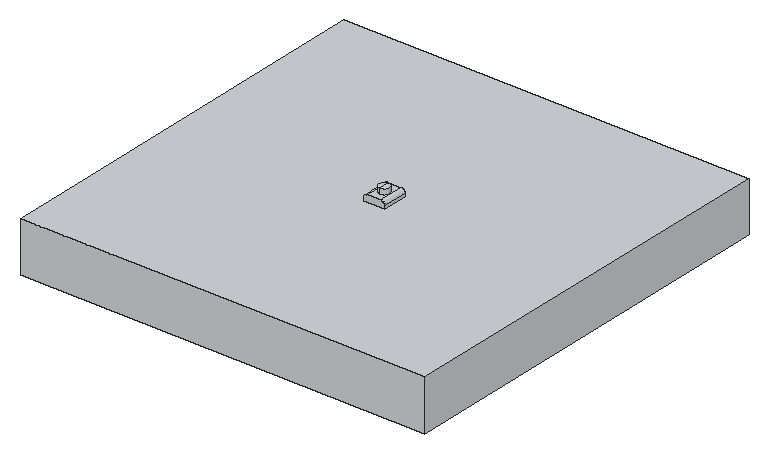
Revit family "M_Alto-falante estroboscópico do alarme de incêndio - Montado na parede", category Dispositivos de alarme de incêndio, Revit 2019
Family settings
  Hospedeiro = Face
  Manter orientação da anotação = Sim
  Cota do conector redondo = Utilizar diâmetro
  Tipo de parte = Normal
  Número OmniClass = 23.85.30.21.11.17
  Título OmniClass = Other Components
  ID de item do Seek = Fire Alarm Strobe Speaker - Wall Mounted-0000-CAN-ENU
  Corte com vazios quando carregada = Não
  Compartilhado = Não
  Ponto de cálculo do ambiente = Não
Parameters (values of type "Padrão")
  Material do alto-falante = none
  Elevação-padrão = 1200 mm
Reference planes
  plane 1 "Centro (Frente/Trás)": y = 0
  plane 2: z = 0
  plane 3 "Centro (Esquerda/Direita)": x = 0
  plane 4: z = -46.736
  plane 5: z = 40.64
  plane 6: z = 71.882
  plane 7: x = 63.5
  plane 8: x = -63.5
  plane 9: y = 75.819
  plane 10: y = -75.819
Forms (mm)
  Extrusion 1, solid
    sketch origin (0, 0, 0) x (1, 0, 0) y (0, 1, 0)
      loop
        line (-1219.2, 1219.2) -> (-1219.2, -1219.2) -> (1219.2, -1219.2) -> (1219.2, 1219.2) -> (-1219.2, 1219.2)
    from 0 to -304.8
  Extrusion 2, solid, material <- "Material do alto-falante"
    sketch origin (0, 0, 0) x (1, 0, 0) y (0, 1, 0)
      loop
        line (-50.8, 50.8) -> (-50.8, -50.8) -> (50.8, -50.8) -> (50.8, 50.8) -> (-50.8, 50.8)
    from 0 to -46.736
  Revolve 3, solid, material <- "Material do alto-falante"
    sketch origin (0, 0, 0) x (0, 1, 0) y (0, 0, 1)
      loop
        arc (31.75, 67.554) -> (16.022, 70.795) -> (0, 71.882) r 118.618
        line (0, 71.882) -> (0, 40.64) -> (31.75, 40.64) -> (31.75, 67.554)
      axis (0, 71.882) -> (0, 40.64)
    angle from 0 to 360
  Extrusion 4, solid, material <- "Material do alto-falante"
    sketch origin (0, 0, 0) x (1, 0, 0) y (0, 0, 1)
      loop
        arc (-38.1, 40.64) -> (-56.061, 33.201) -> (-63.5, 15.24) r 25.4
        line (-63.5, 15.24) -> (-63.5, 0) -> (63.5, 0) -> (63.5, 15.24)
        arc (63.5, 15.24) -> (56.061, 33.201) -> (38.1, 40.64) r 25.4
        line (38.1, 40.64) -> (-38.1, 40.64)
    from -75.819 to 75.819
Cuts and joins
  joined: Extrusion 2, Revolve 3, Extrusion 4
Lines and regions (mm)
  symbolic lines, detail levels fine
    curve 1: line (-50.8, 0, 0) -> (-50.8, 0, -46.736)
    curve 2: line (-50.8, 0, -46.736) -> (50.8, 0, -46.736)
    curve 3: line (50.8, 0, -46.736) -> (50.8, 0, 0)
    curve 4: line (31.863, 0, 67.587) -> (-31.662, 0, 67.587)
    curve 5: line (-31.662, 0, 67.587) -> (-31.662, 0, 40.64)
    curve 6: line (31.863, 0, 67.587) -> (31.863, 0, 40.64)
    curve 7: arc (-31.662, 0, 67.587) -> (0.101, 0, 71.941) -> (31.863, 0, 67.587) r 118.03
    curve 8: line (-38.1, 0, 40.64) -> (38.1, 0, 40.64)
    curve 9: line (-63.5, 0, 0) -> (-63.5, 0, 15.24)
    curve 10: line (63.5, 0, 0) -> (-63.5, 0, 0)
    curve 11: line (63.5, 0, 15.24) -> (63.5, 0, 0)
    curve 12: arc (-38.1, 0, 40.64) -> (-56.061, 0, 33.201) -> (-63.5, 0, 15.24) r 25.4
    curve 13: arc (38.1, 0, 40.64) -> (56.061, 0, 33.201) -> (63.5, 0, 15.24) r 25.4
Dimensions and locks
  locked: plane 5 to plane 2 at 40.64
  locked: plane 6 to plane 2 at 71.882
  equal spacing: Extrusion 2 sketch curve, plane 3 "Centro (Esquerda/Direita)", Extrusion 2 sketch curve
  locked: Extrusion 2 sketch curve to Extrusion 2 sketch curve at 101.6  (x2)
  equal spacing: Extrusion 2 sketch curve, plane 1 "Centro (Frente/Trás)", Extrusion 2 sketch curve
  equal spacing: plane 8, plane 3 "Centro (Esquerda/Direita)", plane 7
  locked: plane 8 to plane 7 at 127
  equal spacing: plane 10, plane 1 "Centro (Frente/Trás)", plane 9
  locked: plane 10 to plane 9 at 151.638
  locked: plane 2 to plane 4 at 46.736
  aligned and locked: plane 2 to Extrusion 1
  aligned and locked: level to Extrusion 1
  aligned and locked: Extrusion 2 to plane 4
  aligned and locked: plane 2 to Extrusion 2
  aligned and locked: plane 1 "Centro (Frente/Trás)" to Revolve 3 sketch curve
  aligned and locked: Revolve 3 sketch curve to plane 5
  aligned and locked: curve 1 to cut or joined group of Extrusion 2, Revolve 3, Extrusion 4
  aligned and locked: curve 2 to cut or joined group of Extrusion 2, Revolve 3, Extrusion 4
  aligned and locked: curve 3 to cut or joined group of Extrusion 2, Revolve 3, Extrusion 4
  aligned and locked: plane 1 "Centro (Frente/Trás)" to nested 1
  aligned and locked: plane 3 "Centro (Esquerda/Direita)" to nested 1
  aligned and locked: Extrusion 4 sketch curve to plane 5
  aligned and locked: plane 2 to Extrusion 4 sketch curve
  aligned and locked: Extrusion 4 sketch curve to plane 7
  aligned and locked: Extrusion 4 to plane 9
  aligned and locked: Extrusion 4 to plane 10
  aligned and locked: curve 8 to plane 5
  aligned and locked: cut or joined group of Extrusion 2, Revolve 3, Extrusion 4 to curve 11
  aligned and locked: curve 11 to cut or joined group of Extrusion 2, Revolve 3, Extrusion 4
Automatic sketch dimensions
  Extrusion 1 sketch curve to Extrusion 1 sketch curve = 2438.4 mm  (x2)
  Revolve 3 sketch curve to plane 1 "Centro (Frente/Trás)" = 0 mm
  Revolve 3 sketch curve to plane 4 = 0 mm
  plane 6 to Revolve 3 sketch curve = 0 mm
  Revolve 3 sketch curve to Revolve 3 sketch curve = 31.75 mm
  plane 4 to Revolve 3 sketch curve = 13.97 mm
  Revolve 3 sketch curve to Revolve 3 sketch curve = 39.37 mm
  plane 8 to Extrusion 4 sketch curve = 0 mm
  level to Extrusion 4 sketch curve = 15.24 mm  (x2)
  plane 8 to curve 12 = 0 mm
  plane 6 to curve 7 = 4.295 mm
  curve 12 to curve 7 = 6.438 mm
  plane 3 "Centro (Esquerda/Direita)" to curve 7 = 0.101 mm
  level to curve 13 = 15.24 mm
  plane 4 to curve 7 = 0.648 mm
  level to curve 12 = 15.24 mm
Nested families
  nested 1: "M_Anotação do alto-falante estroboscópico do alarme de incêndio 2" at (0, 0, 0), type "Anotação do alto-falante com estroboscópio do alarme de incêndio 2", detail levels coarse+medium
Connectors
  electrical at (0, 50.8, -23.368)
    settings: on cut or joined group of Extrusion 2, Revolve 3, Extrusion 4, index 1, voltage 0 V, apparent load 0 VA, apparent load phase1 0 VA, apparent load phase2 0 VA, apparent load phase3 0 VA, power factor 1, load classification "Outros", number of poles 1, system type 11, power factor state 1, is connector primary yes, connector utility no, sub classification motor no, connector description ""
Definition of nested family "M_Anotação do alto-falante estroboscópico do alarme de incêndio 2"
  Parameters
    Anotação de legenda = "P"
  Reference planes
    plane 1: y = 0
    plane 2: x = 0
  Lines and regions (mm)
    reference lines
      curve 1: line (-9.871, 2.381, 0) -> (21.048, 2.381, 0)
    detail lines
      curve 2: circle (0, 2.381, 0) r 2.381 normal (0, 0, 1)
  Text (mm)
    label "P" at (-0.959, 2.395, 0), shows "Anotação de legenda"
  Dimensions and locks
    locked: plane 1 to curve 1 at 2.381
    radius of curve 2 = 2.381 mm
    aligned and locked: curve 1 to curve 2
    aligned and locked: plane 2 to curve 2
